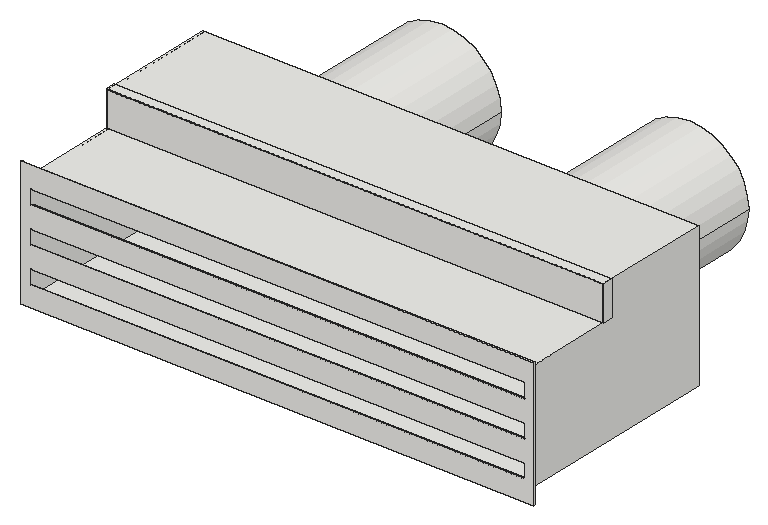
Revit family "AbmessungenKSH_Schlitzzahl = 3", category Air Terminals, Revit 2017
Family settings
  Round Connector Dimension = Use Diameter
  Part Type = Normal
  Work Plane-Based = No
  Always vertical = Yes
  Cut with Voids When Loaded = No
  Shared = No
  Room Calculation Point = No
Parameters (values of type "Nennlänge_500")
  Product material = RAL 9016
  Index = 1
  F = 125 mm  # constant formula
  E = 123 mm  # constant formula
  D = 150 mm  # constant formula
  C = 114 mm  # constant formula
  B = 150 mm  # constant formula
  A1 = A / 2  # 259 mm
  A = if(Index = 1, 518 mm, if(Index = 2, 618 mm, if(Index = 3, 818 mm, if(Index = 4, 1018 mm, 1218 mm))))  # 518 mm
Types (6, lengths in mm): name | Index | A1 | A
  (no name) | 1 | 259 | 518
  Nennlänge_500 | 1 | 259 | 518
  Nennlänge_600 | 2 | 309 | 618
  Nennlänge_800 | 3 | 409 | 818
  Nennlänge_1000 | 4 | 509 | 1018
  Nennlänge_1200 | 0 | 609 | 1218
Reference planes
  plane 1 "Center (Front/Back)": y = 0
  plane 2: z = 0
  plane 3 "Center (Left/Right)": x = 0
  plane 4: x = -259
  plane 5: x = 259
  plane 6: z = 114
  plane 7: y = 100
  plane 8: y = 225
  plane 9: z = 150
  plane 10: y = 375
  plane 11: z = 75
  plane 12: x = -129.5
  plane 13: x = 129.5
Forms (mm)
  Extrusion 1, solid, material "RAL 9016" <- "Product material"
    sketch origin (-259, 563.079, 1200) x (0, 1, 0) y (0, 0, 1)
      loop
        line (-563.079, -1200) -> (-338.079, -1200) -> (-338.079, -1050) -> (-463.079, -1050) -> (-463.079, -1086) -> (-563.079, -1086) -> (-563.079, -1200)
    from 0 to 1
  Extrusion 2, solid, material "RAL 9016" <- "Product material"
    sketch origin (259, 563.079, 1200) x (0, 1, 0) y (0, 0, 1)
      loop
        line (-563.079, -1200) -> (-338.079, -1200) -> (-338.079, -1050) -> (-463.079, -1050) -> (-463.079, -1086) -> (-563.079, -1086) -> (-563.079, -1200)
    from -1 to 0
  Sweep 3, solid, material "RAL 9016" <- "Product material"
    path origin (0, 0, 0) x (1, 0, 0) y (0, 1, 0)
      loop
        line (-258, 0) -> (258, 0)
    profile origin (0, 0, 0) x (0, 1, 0) y (0, 0, 1)
      loop
        line (225, 150) -> (100, 150) -> (100, 114) -> (0, 114) -> (0, 113) -> (101, 113) -> (101, 149) -> (225, 149) -> (225, 150)
  Extrusion 4, solid, material "RAL 9016" <- "Product material"
    sketch origin (0, 0, 0) x (1, 0, 0) y (0, 1, 0)
      loop
        line (-259, 225) -> (-259, 0) -> (258, 0) -> (258, 225) -> (-259, 225)
    from 0 to 1
  Extrusion 5, solid, material "RAL 9016" <- "Product material"
    sketch origin (-259, 225, 150) x (0, 0, -1) y (-1, 0, 0)
      loop
        line (1, -517) -> (149, -517) -> (149, -1) -> (1, -1) -> (1, -517)
    from 0 to -1
  Sweep 6, solid, material "RAL 9016" <- "Product material"
    path origin (0, 510.554, 75) x (0, 1, 0) y (-1, 0, 0)
      loop
        line (-285.554, 129.5) -> (-135.554, 129.5)
    profile origin (-129.5, 300, 75) x (-1, 0, 0) y (0, 0, 1)
      loop
        circle (0, 0) r 61.5
  Sweep 7, solid, material "RAL 9016" <- "Product material"
    path origin (300, 510.554, 75) x (0, 1, 0) y (-1, 0, 0)
      loop
        line (-285.554, 170.5) -> (-135.554, 170.5)
    profile origin (129.5, 300, 75) x (-1, 0, 0) y (0, 0, 1)
      loop
        circle (0, 0) r 61.5
  Extrusion 8, solid, material "RAL 9016" <- "Product material"
    sketch origin (-259, 0, 0) x (0, 0, 1) y (-1, 0, 0)
      loop
        line (102, -1) -> (87, -1) -> (87, -517) -> (102, -517) -> (102, -1)
      loop
        line (12, -517) -> (27, -517) -> (27, -1) -> (12, -1) -> (12, -517)
      loop
        line (124, -527) -> (124, 10) -> (-10, 10) -> (-10, -527) -> (124, -527)
      loop
        line (64.5, -517) -> (64.5, -1) -> (49.5, -1) -> (49.5, -517) -> (64.5, -517)
    from 0 to 1
  Sweep 9, solid, material "RAL 9016" <- "Product material"
    path in 3D
      loop
        line (-259, 100, 114) -> (-259, 100, 150) -> (259, 100, 150) -> (259, 100, 114)
    profile origin (-259, 100, 132) x (0, 1, 0) y (-1, 0, 0)
      loop
        line (0, 0) -> (10, 0) -> (10, 0.91) -> (0, 0.91) -> (0, 0)
Cuts and joins
  joined: Extrusion 1, Extrusion 2, Sweep 3, Extrusion 4, Extrusion 5, Sweep 6, Sweep 7, Extrusion 8
Lines and regions (mm)
  sketch lines
    curve 1: line (-259, 100, 114) -> (-259, 100, 150)
    curve 2: line (259, 100, 150) -> (-259, 100, 150)
    curve 3: line (259, 100, 150) -> (259, 100, 114)
Dimensions and locks
  equal spacing: plane 4, plane 3 "Center (Left/Right)", plane 5
  "A": plane 4 to plane 5
  locked: plane 7 to plane 1 "Center (Front/Back)" at 100
  "C": plane 6 to level
  "F": plane 8 to plane 7
  "D": plane 10 to plane 8
  "B": plane 9 to level
  equal spacing: level, plane 11, plane 9
  equal spacing: plane 12, plane 3 "Center (Left/Right)", plane 13
  "A1": plane 12 to plane 13
  "E": diameter of Sweep 6 sketch curve
  "E": diameter of Sweep 7 sketch curve
  aligned and locked: level to plane 2
  aligned and locked: Sweep 3 sketch curve to Extrusion 1  (x5)
  aligned and locked: Extrusion 5 to Extrusion 2
  aligned and locked: cut or joined group of Extrusion 1, Extrusion 2, Sweep 3, Extrusion 4, Extrusion 5, Sweep 6, Sweep 7, Extrusion 8 to Extrusion 8  (x3)
Automatic sketch dimensions
  Extrusion 1 sketch curve to level = 0 mm
  Extrusion 1 sketch curve to plane 1 "Center (Front/Back)" = 0 mm
  Extrusion 1 sketch curve to plane 7 = 0 mm
  Extrusion 1 sketch curve to plane 8 = 0 mm
  Extrusion 1 sketch curve to plane 6 = 0 mm
  plane 9 to Extrusion 1 sketch curve = 0 mm
  Extrusion 2 sketch curve to level = 0 mm
  Extrusion 2 sketch curve to plane 1 "Center (Front/Back)" = 0 mm
  Extrusion 2 sketch curve to plane 7 = 0 mm
  Extrusion 2 sketch curve to plane 8 = 0 mm
  Extrusion 2 sketch curve to plane 6 = 0 mm
  plane 9 to Extrusion 2 sketch curve = 0 mm
  plane 1 "Center (Front/Back)" to Sweep 3 sketch curve = 0 mm
  plane 4 to Sweep 3 sketch curve = 1 mm
  Sweep 3 sketch curve to plane 5 = 1 mm
  Sweep 3 sketch curve to Sweep 3 sketch curve = 1 mm  (x3)
  plane 1 "Center (Front/Back)" to Extrusion 4 sketch curve = 0 mm
  Extrusion 4 sketch curve to plane 4 = 0 mm
  plane 8 to Extrusion 4 sketch curve = 0 mm
  Extrusion 4 sketch curve to plane 5 = 1 mm
  Extrusion 1 to Extrusion 5 sketch curve = 0 mm
  Extrusion 5 sketch curve to Extrusion 1 = 1 mm
  Extrusion 1 to Extrusion 5 sketch curve = 1 mm
  Extrusion 5 sketch curve to Extrusion 5 sketch curve = 516 mm
  plane 8 to Sweep 6 sketch curve = 0 mm
  plane 10 to Sweep 6 sketch curve = 0 mm
  Sweep 6 sketch curve to plane 12 = 0 mm
  plane 8 to Sweep 7 sketch curve = 0 mm
  plane 10 to Sweep 7 sketch curve = 0 mm
  Sweep 7 sketch curve to plane 13 = 0 mm
  Extrusion 8 sketch curve to Extrusion 1 = 12 mm  (x2)
  Extrusion 1 to Extrusion 8 sketch curve = 10 mm  (x2)
  Extrusion 8 sketch curve to Extrusion 1 = 516 mm
  Extrusion 8 sketch curve to Extrusion 8 sketch curve = 10 mm
  Extrusion 8 sketch curve to Extrusion 1 = 10 mm
  Extrusion 8 sketch curve to Extrusion 8 sketch curve = 15 mm  (x3)
  Extrusion 8 sketch curve to Extrusion 8 sketch curve = 22.5 mm
  Extrusion 1 to Extrusion 8 sketch curve = 1 mm  (x3)
  Extrusion 8 sketch curve to Extrusion 8 sketch curve = 0 mm  (x2)
  profile plane to Sweep 9 sketch curve = 0 mm
  Sweep 9 sketch curve to profile plane = 0 mm
  profile plane to Sweep 9 sketch curve = 0.91 mm
  Sweep 9 sketch curve to profile plane = 10 mm
  Sweep 6 sketch curve to plane 11 = 0 mm
  Sweep 6 sketch curve to profile plane = 0 mm
  Sweep 7 sketch curve to plane 11 = 0 mm
  Sweep 7 sketch curve to profile plane = 0 mm
Connectors
  hvac at (-129.5, 375, 75), driven by "E"
    settings: on Sweep 6, index 1, duct flow 0.0 L/s, flow factor 0, pres drop 0.0 Pa, loss coef 0, conn angle 0.00°, conn width 304.8 mm, conn height 304.8 mm, conn diameter 123 mm, duct sys type 1, conn prof type 0, flow config 0, flow direction 1, loss method 0, conn ref index -1, conn util no, is conn primary yes, conn desc ""
  hvac at (129.5, 375, 75), driven by "E"
    settings: on Sweep 7, index 3, duct flow 0.0 L/s, flow factor 0, pres drop 0.0 Pa, loss coef 0, conn angle 0.00°, conn width 304.8 mm, conn height 304.8 mm, conn diameter 123 mm, duct sys type 1, conn prof type 0, flow config 0, flow direction 1, loss method 0, conn ref index -1, conn util no, is conn primary no, conn desc ""
